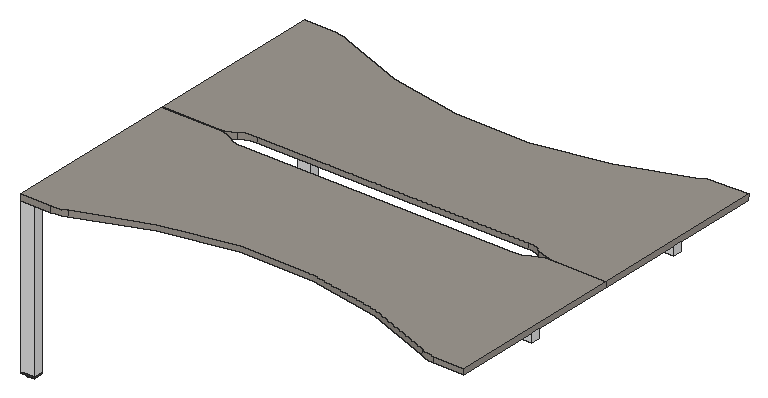
Revit family "Rectangular 1600 Deep - Add-on Unit", category Furniture, Revit 2016
Family settings
  OmniClass Number = 23.40.20.00
  OmniClass Title = General Furniture and Specialties
  Work Plane-Based = No
  Always vertical = Yes
  Cut with Voids When Loaded = No
  Shared = No
  Room Calculation Point = No
Parameters (values of type "2000 x 1600")
  Width = 2000 mm
  URL = "www.gof.co.uk"
  Type Comments = ""
  Range = "MESA"
  Product Code = "MEFD2016A"
  Desktop = Gresham - Nordic Ash
  Model = ""
  Manufacturer = "Gresham Office Furniture"  # constant formula
  Frame = Gresham - Black Metal
  Foot = Gresham - Black Plastic
  Assembly Code = "E2020200"
Types (4, lengths in mm): name | Width | Product Code
  (no name) | 2000 | "MEFD2016A"
  1600 x 1600 | 1600 | "MEFD1616A"
  1800 x 1600 | 1800 | "MEFD1816A"
  2000 x 1600 | 2000 | "MEFD2016A"
Reference planes
  plane 1 "600 Center": y = 200
  plane 2: z = 0
  plane 3 "Center (Left/Right)": x = 0
  plane 4: x = -1000
  plane 5: x = 1000
  plane 6 "Desktop Underside": z = 702
  plane 7 "Center (Front/Back)": y = 600
  plane 8: y = -200
  plane 9 "Foot": z = 10
  plane 10: y = 1400
Forms (mm)
  Extrusion 1, solid, material "Gresham - Black Metal" <- "Frame"
    sketch origin (0, 0, 0) x (0, 1, 0) y (0, 0, 1)
      loop
        line (220, 662) -> (220, 702) -> (180, 702) -> (180, 662) -> (220, 662)
    from -937.5 to 1000
  Extrusion 2, solid, material "Gresham - Black Metal" <- "Frame"
    sketch origin (0, 1200, 0) x (0, -1, 0) y (0, 0, -1)
      loop
        line (220, -662) -> (180, -662) -> (180, -702) -> (220, -702) -> (220, -662)
    from -937.5 to 1000
  Extrusion 3, solid, material "Gresham - Nordic Ash" <- "Desktop"
    sketch origin (0, 0, 702) x (-1, 0, 0) y (0, -1, 0)
      loop
        line (750, -600) -> (1000, -600) -> (1000, 200) -> (863.111, 200)
        arc (863.111, 200) -> (829.249, 196.128) -> (797.135, 184.711) r 150
        arc (797.135, 184.711) -> (0, -0.01) -> (-797.135, 184.711) r 1812.317
        arc (-797.135, 184.711) -> (-829.249, 196.128) -> (-863.111, 200) r 150
        line (-863.111, 200) -> (-1000, 200) -> (-1000, -600) -> (-750, -600)
        arc (-750, -600) -> (-713.236, -594.237) -> (-680, -577.5) r 120.139
        arc (-680, -577.5) -> (-646.764, -560.763) -> (-610, -555) r 120.139
        line (-610, -555) -> (610, -555)
        arc (610, -555) -> (646.764, -560.763) -> (680, -577.5) r 120.139
        arc (680, -577.5) -> (713.236, -594.237) -> (750, -600) r 120.139
    from 0 to 25
  Extrusion 4, solid, material "Gresham - Nordic Ash" <- "Desktop"
    sketch origin (0, 1200, 702) x (-1, 0, 0) y (0, -1, 0)
      loop
        arc (750, 600) -> (713.236, 594.237) -> (680, 577.5) r 120.139
        arc (680, 577.5) -> (646.764, 560.763) -> (610, 555) r 120.139
        line (610, 555) -> (-610, 555)
        arc (-610, 555) -> (-646.764, 560.763) -> (-680, 577.5) r 120.139
        arc (-680, 577.5) -> (-713.236, 594.237) -> (-750, 600) r 120.139
        line (-750, 600) -> (-1000, 600) -> (-1000, -200) -> (-863.111, -200)
        arc (-863.111, -200) -> (-829.249, -196.128) -> (-797.135, -184.711) r 150
        arc (-797.135, -184.711) -> (0, 0.01) -> (797.135, -184.711) r 1812.317
        arc (797.135, -184.711) -> (829.249, -196.128) -> (863.111, -200) r 150
        line (863.111, -200) -> (1000, -200) -> (1000, 600) -> (750, 600)
    from 0 to 25
Dimensions and locks
  locked: plane 6 "Desktop Underside" to plane 2 at 702
  equal spacing: plane 4, plane 3 "Center (Left/Right)", plane 5
  "Width": plane 4 to plane 5
  equal spacing: plane 7 "Center (Front/Back)", plane 1 "600 Center", plane 8
  plane 7 "Center (Front/Back)" to plane 8 = 800 mm
  locked: plane 4 to nested 1 at 2.5
  locked: nested 1 to plane 8 at 2.5
  locked: nested 1 to Extrusion 1 at 60
  locked: plane 8 to plane 10 at 1600
  locked: Extrusion 3 sketch curve to Extrusion 3 sketch curve at 250  (x2)
  Extrusion 3 sketch curve to Extrusion 3 sketch curve = 136.889 mm  (x2)
  locked: Extrusion 4 sketch curve to Extrusion 4 sketch curve at 250  (x2)
  Extrusion 4 sketch curve to Extrusion 4 sketch curve = 136.889 mm  (x2)
  radius of Extrusion 3 sketch curve = 150 mm  (x2)
  radius of Extrusion 4 sketch curve = 150 mm  (x2)
  aligned and locked: level to plane 2
  aligned and locked: Extrusion 1 to Extrusion 2
  aligned and locked: Extrusion 2 to Extrusion 1
  aligned and locked: Extrusion 3 to plane 5
  aligned and locked: Extrusion 3 to plane 4
  aligned and locked: Extrusion 2 to plane 5
Automatic sketch dimensions
  Extrusion 1 sketch curve to plane 6 "Desktop Underside" = 0 mm
  plane 1 "600 Center" to Extrusion 1 sketch curve = 20 mm
  Extrusion 1 sketch curve to plane 1 "600 Center" = 20 mm
  Extrusion 1 sketch curve to plane 6 "Desktop Underside" = 40 mm
  Extrusion 2 sketch curve to plane 6 "Desktop Underside" = 0 mm
  plane 6 "Desktop Underside" to Extrusion 2 sketch curve = 40 mm
  Extrusion 2 sketch curve to plane 10 = 380 mm
  Extrusion 2 sketch curve to Extrusion 2 sketch curve = 40 mm
  Extrusion 3 sketch curve to plane 5 = 0 mm
  Extrusion 3 sketch curve to plane 3 "Center (Left/Right)" = 0 mm
  Extrusion 3 sketch curve to plane 7 "Center (Front/Back)" = 0 mm  (x2)
  Extrusion 3 sketch curve to plane 8 = 0 mm  (x2)
  Extrusion 3 sketch curve to plane 4 = 0 mm
  Extrusion 3 sketch curve to plane 7 "Center (Front/Back)" = 45 mm
  Extrusion 3 sketch curve to Extrusion 3 sketch curve = 140 mm  (x2)
  plane 7 "Center (Front/Back)" to Extrusion 3 sketch curve = 75.139 mm  (x2)
  Extrusion 3 sketch curve to plane 7 "Center (Front/Back)" = 120.139 mm
  Extrusion 3 sketch curve to Extrusion 3 sketch curve = 120.139 mm
  Extrusion 3 sketch curve to plane 8 = 1612.307 mm
  Extrusion 3 sketch curve to Extrusion 3 sketch curve = 0 mm
  Extrusion 4 sketch curve to plane 5 = 0 mm
  Extrusion 4 sketch curve to plane 3 "Center (Left/Right)" = 0 mm
  Extrusion 4 sketch curve to plane 7 "Center (Front/Back)" = 0 mm  (x2)
  plane 10 to Extrusion 4 sketch curve = 0 mm  (x2)
  Extrusion 4 sketch curve to plane 4 = 0 mm
  plane 7 "Center (Front/Back)" to Extrusion 4 sketch curve = 45 mm
  Extrusion 4 sketch curve to Extrusion 4 sketch curve = 140 mm  (x2)
  Extrusion 4 sketch curve to plane 7 "Center (Front/Back)" = 75.139 mm  (x2)
  Extrusion 4 sketch curve to plane 10 = 1612.307 mm
  Extrusion 4 sketch curve to Extrusion 4 sketch curve = 120.139 mm
  plane 7 "Center (Front/Back)" to Extrusion 4 sketch curve = 120.139 mm
  Extrusion 4 sketch curve to Extrusion 4 sketch curve = 0 mm
Nested families
  nested 1: "1600 Mesa Leg" at (-600, 600, 0) x (-1, 0, 0) z (0, 0, 1), type "1600 Mesa Leg"
Definition of nested family "1600 Mesa Leg"
  Parameters (values of type "1600 Mesa Leg")
    Width = 800 mm
    URL = "www.gof.co.uk"
    Type Comments = ""
    Range = "MESA"
    Product Code = "1600 Leg"
    Model = ""
    Manufacturer = "Gresham Office Furniture"  # constant formula
    Frame = none
    Foot = none
    Assembly Code = "E2020200"
  Reference planes
    plane 1 "Center (Front/Back)": y = 0
    plane 2: z = 0
    plane 3 "Center (Left/Right)": x = 0
    plane 4: x = -400
    plane 5: x = 400
    plane 6 "Desktop Underside": z = 702
    plane 7: y = 800
    plane 8: y = -800
    plane 9 "Foot": z = 10
  Forms (mm)
    Extrusion 1, solid, material <- "Frame"
      sketch origin (997.5, 311.693, 702) x (0, -1, 0) y (0, 0, 1)
        loop
          line (183.606, 0) -> (-485.807, 0) -> (-485.807, -692) -> (-445.807, -692) -> (-445.807, -40) -> (1069.193, -40) -> (1069.193, -692) -> (1109.193, -692) -> (1109.193, 0) -> (183.606, 0)
      from 600 to 660
    Extrusion 2, solid, material <- "Foot"
      sketch origin (481.991, 484.546, 10) x (-0.707107, 0.707107, 0) y (-0.707107, -0.707107, 0)
        loop
          line (-804.373, 1008.714) -> (-846.799, 966.287) -> (-818.515, 938.003) -> (-776.088, 980.43) -> (-804.373, 1008.714)
        loop
          line (323.463, -119.122) -> (295.178, -90.837) -> (252.752, -133.264) -> (281.036, -161.548) -> (323.463, -119.122)
      from 0 to -5
    Extrusion 3, solid
      sketch origin (487.674, 479.532, 0) x (0.707107, -0.707107, 0) y (0.707107, 0.707107, 0)
        loop
          circle (-295.671, 125.72) r 18
        loop
          circle (803.88, -973.831) r 18
      from 0 to 5
  Dimensions and locks
    locked: plane 6 "Desktop Underside" to plane 2 at 702
    equal spacing: plane 4, plane 3 "Center (Left/Right)", plane 5
    "Width": plane 4 to plane 5
    equal spacing: plane 7, plane 1 "Center (Front/Back)", plane 8
    plane 7 to plane 8 = 1600 mm
    Extrusion 1 sketch curve to Extrusion 1 sketch curve = 40 mm  (x2)
    locked: Extrusion 1 to plane 8 at 2.5
    locked: plane 7 to Extrusion 1 at 2.5
    Extrusion 1 to Extrusion 2 sketch curve = 40 mm
    locked: Extrusion 1 to Extrusion 1 at 60
    locked: plane 7 to Extrusion 3 sketch curve at 22.5
    locked: Extrusion 3 sketch curve to plane 5 at 32.5  (x2)
    locked: Extrusion 3 sketch curve to plane 8 at 22.5
    locked: Extrusion 1 to plane 5 at 2.5
    aligned and locked: level to plane 2
  Automatic sketch dimensions
    Extrusion 1 sketch curve to plane 6 "Desktop Underside" = 0 mm
    Extrusion 1 sketch curve to plane 9 "Foot" = 0 mm  (x2)
    Extrusion 1 sketch curve to plane 1 "Center (Front/Back)" = 128.087 mm
    plane 5 to Extrusion 2 sketch curve = 2.5 mm
    plane 8 to Extrusion 2 sketch curve = 2.5 mm
    Extrusion 2 sketch curve to Extrusion 2 sketch curve = 28.284 mm  (x3)
    Extrusion 2 sketch curve to Extrusion 2 sketch curve = 42.426 mm  (x2)
    Extrusion 2 sketch curve to Extrusion 2 sketch curve = 1071.267 mm
    Extrusion 1 sketch curve to plane 7 = 42.5 mm
    plane 8 to Extrusion 1 sketch curve = 42.5 mm
    Extrusion 1 sketch curve to plane 6 "Desktop Underside" = 40 mm
    radius of Extrusion 3 sketch curve = 18 mm  (x2)
